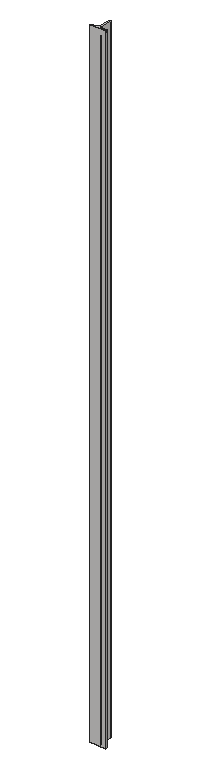
Revit family "NLRS_28_SC_T", category Structural Columns, Revit 2020
Family settings
  Section Shape = Structural Tees
  Material for Model Behavior = Steel
  Always export as geometry = No
  Beam cutback in plan = From bounding box
  Code Name = EN 10055
  Cut with Voids When Loaded = No
  Symbolic Representation = From Project Settings
  Shared = No
  Show family pre-cut in plan views = Yes
Parameters (values of type "T60")
  built-in parameter 1005567 = 0.098425 (stored number, unit not read)
  Width = 60.00 mm
  Web Thickness = 7.00 mm
  Web Fillet = 7 mm
  Warping Constant = (empty or 0)
  Torsional Moment of Inertia = 0 cm⁴
  Top Web Fillet = 2 mm
  Structural Material [instance] = h3_Structural Steel - S235
  built-in parameter 1005564 = 0.020071 (stored number, unit not read)
  Sloped Flange Angle = 1.15°
  Section Name Key = "T60"
  Section Area = 7.94 cm²
  Plastic Modulus weak axis = 0 cm³
  Plastic Modulus strong axis = 0 cm³
  Perimeter = (empty or 0)
  Nominal Weight = 61.095 N/m
  Moment of Inertia weak axis = 12.2 cm⁴
  Moment of Inertia strong axis = 23.8 cm⁴
  Height = 60.00 mm
  Flange Thickness Location = 15 mm
  Flange Thickness = 7 mm
  Flange Fillet = 3.5 mm
  Elastic Modulus weak axis = 4.07 cm³
  Elastic Modulus strong axis = 5.48 cm³
  Centroid Vertical = 16.60 mm
  Centroid Horizontal = Width / 2  # 30 mm
  Assembly Code = "2B(28.10)"
Types (14, lengths in mm): name | built-in parameter 1005567 | Width | Web Thickness | Web Fillet | Top Web Fillet | Section Name Key | Section Area | Nominal Weight | Moment of Inertia weak axis | Moment of Inertia strong axis | Height | Flange Thickness Location | Flange Thickness | Flange Fillet | Elastic Modulus weak axis | Elastic Modulus strong axis | Centroid Vertical | Centroid Horizontal
  T60 | 0.098425 (stored number, unit not read) | 60.00 | 7.00 | 7 | 2 | "T60" | 7.94 cm² | 61.095 N/m | 12.2 cm⁴ | 23.8 cm⁴ | 60.00 | 15 | 7 | 3.5 | 4.07 cm³ | 5.48 cm³ | 16.60 | 30
  T140 | 0.22966 (stored number, unit not read) | 140.00 | 15.00 | 15 | 4 | "T140" | 39.9 cm² | 306.95 N/m | 330 cm⁴ | 660 cm⁴ | 140.00 | 35 | 15 | 7.5 | 47.2 cm³ | 64.7 cm³ | 38.00 | 70
  T120 | 0.19685 (stored number, unit not read) | 120.00 | 13.00 | 13 | 3 | "T120" | 29.6 cm² | 227.51 N/m | 178 cm⁴ | 366 cm⁴ | 120.00 | 30 | 13 | 6.5 | 29.7 cm³ | 42 cm³ | 32.80 | 60
  T100 | 0.16404 (stored number, unit not read) | 100.00 | 11.00 | 11 | 3 | "T100" | 20.9 cm² | 160.83 N/m | 88.3 cm⁴ | 179 cm⁴ | 100.00 | 25 | 11 | 5.5 | 17.7 cm³ | 24.6 cm³ | 27.40 | 50
  T90 | 0.14764 (stored number, unit not read) | 90.00 | 10.00 | 10 | 2.5 | "T90" | 17.1 cm² | 131.41 N/m | 58.5 cm⁴ | 119 cm⁴ | 90.00 | 22.5 | 10 | 5 | 13 cm³ | 18.2 cm³ | 24.80 | 45
  T80 | 0.13123 (stored number, unit not read) | 80.00 | 9.00 | 9 | 2 | "T80" | 13.6 cm² | 104.93 N/m | 37 cm⁴ | 73.7 cm⁴ | 80.00 | 20 | 9 | 4.5 | 9.25 cm³ | 12.8 cm³ | 22.20 | 40
  T70 | 0.11483 (stored number, unit not read) | 70.00 | 8.00 | 8 | 2 | "T70" | 10.6 cm² | 81.591 N/m | 22.1 cm⁴ | 44.4 cm⁴ | 70.00 | 17.5 | 8 | 4 | 6.32 cm³ | 8.79 cm³ | 19.40 | 35
  T50 | 0.082021 (stored number, unit not read) | 50.00 | 6.00 | 6 | 1.5 | "T50" | 5.66 cm² | 43.541 N/m | 6.06 cm⁴ | 12.1 cm⁴ | 50.00 | 12.5 | 6 | 3 | 2.42 cm³ | 3.36 cm³ | 13.90 | 25
  T45 | 0.073819 (stored number, unit not read) | 45.00 | 5.50 | 5.5 | 1.5 | "T45" | 4.67 cm² | 35.99 N/m | 4.01 cm⁴ | 8.13 cm⁴ | 45.00 | 11.25 | 5.5 | 3 | 1.78 cm³ | 2.51 cm³ | 12.60 | 22.5
  T40 | 0.065617 (stored number, unit not read) | 40.00 | 5.00 | 5 | 1 | "T40" | 3.77 cm² | 29.028 N/m | 2.58 cm⁴ | 5.28 cm⁴ | 40.00 | 10 | 5 | 2.5 | 1.29 cm³ | 1.84 cm³ | 11.20 | 20
  T35 | 0.057415 (stored number, unit not read) | 35.00 | 4.50 | 4.5 | 1 | "T35" | 2.97 cm² | 22.849 N/m | 1.57 cm⁴ | 3.1 cm⁴ | 35.00 | 8.75 | 4.5 | 2.5 | 0.9 cm³ | 1.23 cm³ | 9.90 | 17.5
  T30 | 0.049213 (stored number, unit not read) | 30.00 | 4.00 | 4 | 1 | "T30" | 2.26 cm² | 17.358 N/m | 0.87 cm⁴ | 1.72 cm⁴ | 30.00 | 7.5 | 4 | 2 | 0.58 cm³ | 0.8 cm³ | 8.50 | 15
  T25 | 0.04101 (stored number, unit not read) | 25.00 | 3.50 | 3.5 | 1 | "T25" | 1.64 cm² | 12.651 N/m | 0.43 cm⁴ | 0.87 cm⁴ | 25.00 | 6.25 | 3.5 | 2 | 0.34 cm³ | 0.49 cm³ | 7.30 | 12.5
  T20 | 0.032808 (stored number, unit not read) | 20.00 | 3.00 | 2.5 | 0.7 | "T20" | 1.12 cm² | 8.6298 N/m | 0.2 cm⁴ | 0.38 cm⁴ | 20.00 | 5 | 3 | 1.5 | 0.2 cm³ | 0.27 cm³ | 5.80 | 10
Reference planes
  plane 1: y = 0
  plane 2: z = 0
  plane 3: x = 0
  plane 4: x = -30
  plane 5: x = 30
  plane 6: x = -3.5
  plane 7: x = 3.5
  plane 8: y = -16.6
  plane 9: y = 43.4
Forms (mm)
  Sweep 1, solid, material "h3_Structural Steel - S235" <- "Structural Material", detail levels fine
    path origin (0, 0, 0) x (1, 0, 0) y (0, 0, 1)
      loop
        line (0, 2500) -> (0, 0)
    profile "T-Shape-Profile-Fine : T-Shape-Profile-Fine" origin (0, 0, 1250) x (1, 0, 0) y (0, -1, 0)
      loop
        line (30, 13.332) -> (30, 16.6) -> (-30, 16.6) -> (-30, 13.332)
        arc (-30, 13.332) -> (-29, 10.882) -> (-26.57, 9.832) r 3.5
        line (-26.57, 9.832) -> (-15, 9.6) -> (-10.68, 9.513)
        arc (-10.68, 9.513) -> (-5.871, 7.464) -> (-3.822, 2.655) r 7
        line (-3.822, 2.655) -> (-3.5, -13.4) -> (-2.937, -41.44)
        arc (-2.937, -41.44) -> (-2.337, -42.828) -> (-0.938, -43.4) r 2
        line (-0.938, -43.4) -> (0.938, -43.4)
        arc (0.938, -43.4) -> (2.337, -42.828) -> (2.937, -41.44) r 2
        line (2.937, -41.44) -> (3.5, -13.4) -> (3.822, 2.655)
        arc (3.822, 2.655) -> (5.871, 7.464) -> (10.68, 9.513) r 7
        line (10.68, 9.513) -> (15, 9.6) -> (26.57, 9.832)
        arc (26.57, 9.832) -> (29, 10.882) -> (30, 13.332) r 3.5
  Sweep 2, solid, material "h3_Structural Steel - S235" <- "Structural Material", detail levels medium
    path origin (0, 0, 0) x (1, 0, 0) y (0, 0, 1)
      loop
        line (0, 2500) -> (0, 0)
    profile "T-Shape-Profile-Medium : T-Shape-Profile-Medium" origin (0, 0, 1250) x (1, 0, 0) y (0, -1, 0)
      loop
        line (30, 9.901) -> (30, 16.6) -> (-30, 16.6) -> (-30, 9.901) -> (-15, 9.6) -> (-3.957, 9.378) -> (-3.5, -13.4) -> (-2.898, -43.4) -> (2.898, -43.4) -> (3.5, -13.4) -> (3.957, 9.378) -> (15, 9.6) -> (30, 9.901)
Lines and regions (mm)
  symbolic lines, style "StructuralColumnStickSymbols", detail levels coarse
    curve 1: line (-30, -16.6, 2500) -> (30, -16.6, 2500)
    curve 2: line (0, 43.4, 2500) -> (0, -16.6, 2500)
  symbolic lines, style "Hidden Faces", detail levels medium+fine
    curve 3: line (-3.5, 0, 2500) -> (-3.5, 0, 0)
    curve 4: line (3.5, 0, 2500) -> (3.5, 0, 0)
Dimensions and locks
  "Width": plane 4 to plane 5
  equal spacing: plane 6, plane 3, plane 7
  "Web Thickness": plane 6 to plane 7
  equal spacing: plane 4, plane 3, plane 5
  "Centroid Vertical": plane 1 to plane 8
  "Height": plane 9 to plane 8
  aligned and locked: level to plane 2
  aligned and locked: plane 5 to curve 1
  aligned and locked: curve 2 to plane 3
  aligned and locked: curve 3 to plane 6
  aligned and locked: level to curve 3  (x2)
  aligned and locked: level to curve 4  (x2)
  aligned and locked: curve 4 to plane 7
  aligned and locked: level to Sweep 1 sketch curve  (x2)
  aligned and locked: Sweep 1 sketch curve to plane 3
  aligned and locked: level to Sweep 2 sketch curve  (x2)
  aligned and locked: Sweep 2 sketch curve to plane 3
  aligned and locked: curve 1 to plane 8
  aligned and locked: plane 8 to curve 2
  aligned and locked: plane 9 to curve 2
  aligned and locked: plane 4 to curve 1
